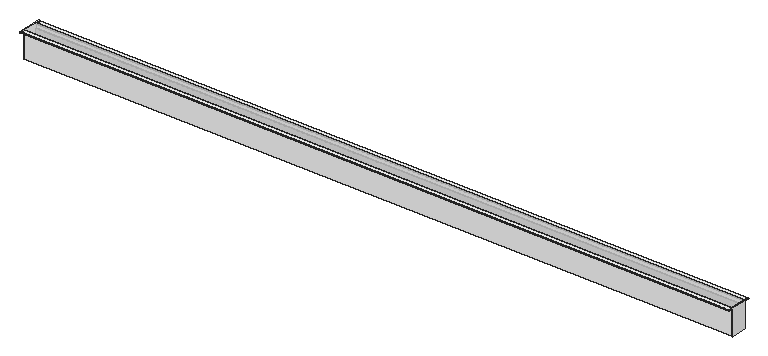
Revit family "2093135 Sylvania Lighting Fixture MC2 TRIM 2-4M 3K DALI WHT OPAL", category Lighting Fixtures, host Face, Revit 2016
Family settings
  Host = Face
  Part Type = Normal
  Round Connector Dimension = Use Diameter
  OmniClass Number = 23.80.70.11.17
  OmniClass Title = Specialized Lighting by Location or Use
  Cut with Voids When Loaded = No
  Light Source = Yes
  Shared = No
  Room Calculation Point = No
Parameters (values of type "2093135 MC2 TRIM 2.4M 3K DALI WHT OPAL")
  Width_SYL = 54.0 mm
  Weight = "5.6 kg"
  Wattage = 42 W
  WarrantyStartDate [instance] = "n/a"
  WarrantyGuarantorParts = "n/a"
  WarrantyDurationUnit = "n/a"
  WarrantyDurationParts = "n/a"
  WarrantyDescription = "n/a"
  built-in parameter 1150110 = 1 (stored number, unit not read)
  Voltage = 0 V
  URL = "http://www.sylvania-lighting.com"
  TypeName = "MC2 TRIM 2.4M 3K DALI WHT OPAL"
  built-in parameter 1114217 = 1 (stored number, unit not read)
  Tilt Angle = -90.00°
  built-in parameter 1150109 = 1 (stored number, unit not read)
  built-in parameter 1150134 = (empty or 0)
  built-in parameter 1150113 = 1 (stored number, unit not read)
  SerialNumber [instance] = "n/a"
  PowerFactor = 0.98
  PowerConsumption = "42 W"
  NominalWidth = 0.0 mm
  NominalLength = 2400.0 mm
  NominalHeight = 86.0 mm
  Name = "MC2 TRIM 2.4M 3K DALI WHT OPAL"
  ModelReference = "MC2 TRIM 2.4M 3K DALI WHT OPAL"
  ModelNumber = "2093135"
  Material_3_SYL = Metal_Sylvania_Mini Contiuum II_Silver
  Photometric Web File = "2093135.ies"
  Material = "aluminium housing, polycarbonate diffuser"
  ManufacturerName = "Feilo Sylvania"
  LuminousEfficacy = "105 lm/W"
  LuminaireType = ""
  LightOutputRatio = "100"
  Length_SYL = 2400.0 mm
  LampsType = Lamp  # "LED"
  LampNominalLuminous = "4414 lm"
  LampMacAdamStep = "3"
  LampColourTemperature = "3000 K"
  LampColourRenderingIndex = "80"
  Keynote = "16500"
  InstallationDate [instance] = "n/a"
  InputVoltage = "n/a"
  InputNominalFrequency = "n/a"
  IngressProtection = "IP20"
  ImpactProtectionIndex = "n/a"
  IfcExportType = "IfcLightFixtureType"
  IfcExportAs = "IfcLightFixtureType"
  Height_SYL = 86.0 mm
  ExpectedLife = 50000
  EndCapRight_SYL [instance] = yes
  EndCapLeft_SYL [instance] = yes
  Emit from Rectangle Width = Width_SYL - 2.0 mm  # 52.0 mm
  Emit from Rectangle Length = Length_SYL  # 2400.0 mm
  Emit Shape Visible in Rendering = no
  ElectricShockClassification = "Class I"
  DurationUnit = "hours"
  DocumentationLiterature = "http://www.sylvania-lighting.com/product/en-int/products/2093135"
  DimmingControlOptions = "n/a"
  CreatedOn = "10/15/2018"
  CreatedBy = "@sylvania-lighting.com"
  built-in parameter 1114216 [instance] = 1 (stored number, unit not read)
  Model = "MC2 TRIM 2.4M 3K DALI WHT OPAL"
  Manufacturer = "Feilo Sylvania"  # constant formula
  built-in parameter 1150105 = 350.94 (stored number, unit not read)
  Lumens = 4410 lm
  built-in parameter 1150115 = 1 (stored number, unit not read)
  built-in parameter 1150137 = (empty or 0)
  built-in parameter 1150139 = (empty or 0)
  built-in parameter 1150112 = 1 (stored number, unit not read)
  built-in parameter 1150114 = 1 (stored number, unit not read)
  Lamp = "LED"
  built-in parameter 1150132 = 2
  built-in parameter 1150102 = (empty or 0)
  built-in parameter 1150107 = 3000 (stored number, unit not read)
  built-in parameter 1150138 = (empty or 0)
  built-in parameter 1150106 = 3.5094 (stored number, unit not read)
  Material_1_SYL = Metal_Sylvania_Mini Continuum II_White
  built-in parameter 1150104 = 9.7548 (stored number, unit not read)
  Dimming Lamp Color Temperature Shift = <None>
  Material_2_SYL = Polycarbonate_Sylvania_Mini Continuum II_Opal_4000K
  Description = "Mini Continuum II introduces a uniquely clean, simple LED lighting system offering continuous, highly uniform lines of light across walls and ceilings. This highly versatile lighting tool can be recessed, semi-recessed, surface-mounted or suspended, either vertically or horizontally. Available as direct/indirect or direct only distribution - both of which can be interconnected. Every batten has a plug and socket arrangement for easy and rapid electrical installation. Mini Continuum II Direct is available in two versions: one with an outside trim detail for plasterboard ceilings; and a trimless version for when a seamless effect is required. Dimmable DALI versions and 3hr non-maintained integral emergency options are available as standard options"  # constant formula
  Default Elevation = 0.0 mm
  Color Filter = 16777215
  built-in parameter 1140040 [instance] = 1
  BarCode [instance] = "n/a"
  built-in parameter 1114218 = 1 (stored number, unit not read)
  built-in parameter 1150133 = 10 (stored number, unit not read)
  AssetType = "Fixed"
  AssetIdentifier [instance] = "n/a"
  Assembly Code = "D5020200"
  Apparent Load = 42 VA
Reference planes
  plane 1 "Center (Front/Back)": y = 0
  plane 2 "Bottom Fixtures": z = 0
  plane 3 "Center (Left/Right)": x = 0
  plane 4 "Fixture Left": x = -1200
  plane 5 "Fixture Right": x = 1200
  plane 6 "Fixture Bottom": z = 2
  plane 7: z = 0
  plane 8: z = -2
  plane 9: z = -11.049
  plane 10: z = -41.049
  plane 11 "Fixture Top": z = -84
  plane 12: y = 27
  plane 13: y = -27
  plane 14: y = -26
  plane 15: y = -25
  plane 16: y = 26
  plane 17: y = 25
  plane 18: y = 11
  plane 19: y = -11
  plane 20: y = 24
  plane 21: y = 22
  plane 22: y = -22
  plane 23: y = 15
  plane 24: y = -15
  plane 25: y = 40
  plane 26: y = -40
  plane 27: x = -1202
  plane 28: x = 1202
Forms (mm)
  Extrusion 1, solid, material "Metal_Sylvania_Mini Continuum II_White" <- "Material_1_SYL", detail levels fine
    sketch origin (0, 0, -84) x (0, 1, 0) y (0, 0, 1)
      loop
        line (27, 84) -> (40, 84) -> (40, 86) -> (26, 86) -> (26, 84) -> (25, 84) -> (25, 2) -> (13, 2) -> (13, 4) -> (-13, 4) -> (-13, 2) -> (-25, 2) -> (-25, 84) -> (-26, 84) -> (-26, 86) -> (-40, 86) -> (-40, 84) -> (-27, 84) -> (-27, 0) -> (-11, 0) -> (-11, 2) -> (11, 2) -> (11, 0) -> (27, 0) -> (27, 84)
    from -1200 to 1200
  Extrusion 2, solid, material "Polycarbonate_Sylvania_Mini Continuum II_Opal_4000K" <- "Material_2_SYL", detail levels fine
    sketch origin (0, 0, -84) x (0, 1, 0) y (0, 0, 1)
      loop
        line (-26, 86) -> (-26, 84) -> (26, 84) -> (26, 86) -> (-26, 86)
    from -1200 to 1200
  Extrusion 3, solid, material "Metal_Sylvania_Mini Contiuum II_Silver" <- "Material_3_SYL", detail levels fine
    sketch origin (0, 0, -84) x (0, 1, 0) y (0, 0, 1)
      loop
        line (22, 72.951) -> (20.973, 72.951) -> (14.206, 43.951) -> (-14.206, 43.951) -> (-20.973, 72.951) -> (-22, 72.951) -> (-15, 42.951) -> (15, 42.951) -> (22, 72.951)
    from -1200 to 1200
  Extrusion 4, solid, material "Metal_Sylvania_Mini Continuum II_White" <- "Material_1_SYL", detail levels coarse+medium
    sketch origin (0, 0, -84) x (0, 1, 0) y (0, 0, 1)
      loop
        line (-27, 86) -> (-27, 0) -> (27, 0) -> (27, 86) -> (-27, 86)
    from -1200 to 1200
  Extrusion 5, solid, material "Metal_Sylvania_Mini Continuum II_White" <- "Material_1_SYL", detail levels coarse+medium
    sketch origin (0, 0, -84) x (0, 1, 0) y (0, 0, 1)
      loop
        line (40, 86) -> (27, 86) -> (27, 84) -> (40, 84) -> (40, 86)
      loop
        line (-27, 86) -> (-40, 86) -> (-40, 84) -> (-27, 84) -> (-27, 86)
    from -1200 to 1200
  Extrusion 6, void
    sketch origin (0, 0, 0) x (0, 1, 0) y (0, 0, 1)
      loop
        line (27, 0) -> (-27, 0) -> (-27, -84) -> (27, -84) -> (27, 0)
    from -1200 to 1200
  Extrusion 7, solid, material "Metal_Sylvania_Mini Continuum II_White" <- "Material_1_SYL", visible <- "EndCapLeft_SYL"
    sketch origin (-1200, 171.684, 1219.2) x (0, 1, 0) y (0, 0, 1)
      loop
        line (-198.684, -1219.2) -> (-198.684, -1303.2) -> (-144.684, -1303.2) -> (-144.684, -1219.2) -> (-131.684, -1219.2) -> (-131.684, -1217.2) -> (-211.684, -1217.2) -> (-211.684, -1219.2) -> (-198.684, -1219.2)
    from 0 to -2
  Extrusion 8, solid, material "Metal_Sylvania_Mini Continuum II_White" <- "Material_1_SYL", visible <- "EndCapRight_SYL"
    sketch origin (1200, 171.684, 1219.2) x (0, 1, 0) y (0, 0, -1)
      loop
        line (-131.684, 1217.2) -> (-131.684, 1219.2) -> (-144.684, 1219.2) -> (-144.684, 1303.2) -> (-198.684, 1303.2) -> (-198.684, 1219.2) -> (-211.684, 1219.2) -> (-211.684, 1217.2) -> (-131.684, 1217.2)
    from 0 to -2
Lines and regions (mm)
  Masking region 1
    outline origin (0, 0, -86) x (-1, 0, 0) y (0, -1, 0)
      loop
        line (1200, -40) -> (1200, 40) -> (-1200, 40) -> (-1200, -40) -> (1200, -40)
  symbolic lines, detail levels fine
    curve 1: line (-1200, 27, -86) -> (1200, 27, -86)
    curve 2: line (-1200, -27, -86) -> (1200, -27, -86)
Dimensions and locks
  host sketch curve to plane 3 "Center (Left/Right)" to host sketch curve = 1260.0 mm, 1259.41 mm
  equal spacing: plane 4 "Fixture Left", plane 3 "Center (Left/Right)", plane 5 "Fixture Right"
  "Length_SYL": plane 4 "Fixture Left" to plane 5 "Fixture Right"
  plane 6 "Fixture Bottom" to plane 7 to plane 8 to plane 9 to plane 10 = 2.0 mm locked, 2.0 mm locked, 9.049 mm locked, 30.0 mm locked
  locked: Extrusion 1 sketch curve to Extrusion 1 sketch curve at 2
  "Height_SYL": plane 6 "Fixture Bottom" to plane 11 "Fixture Top"
  equal spacing: plane 12, plane 1 "Center (Front/Back)", plane 13
  plane 19 to plane 24 to plane 22 to plane 15 to plane 14 to plane 13 to plane 26 = 4.0 mm locked, 7.0 mm locked, 3.0 mm locked, 1.0 mm locked, 1.0 mm locked, 13.0 mm locked
  plane 25 to plane 12 to plane 16 to plane 17 to plane 20 to plane 21 to plane 23 to plane 18 = 13.0 mm locked, 1.0 mm locked, 1.0 mm locked, 1.0 mm locked, 2.0 mm locked, 7.0 mm locked, 4.0 mm locked
  "Width_SYL": plane 12 to plane 13
  equal spacing: plane 27, plane 3 "Center (Left/Right)", plane 28
  locked: plane 27 to plane 4 "Fixture Left" at 2
  aligned and locked: plane 2 "Bottom Fixtures" to host face
  aligned and locked: level to host face
  aligned and locked: Extrusion 1 sketch curve to plane 7  (x2)
  aligned and locked: plane 6 "Fixture Bottom" to Extrusion 1 sketch curve  (x2)
  aligned and locked: plane 7 to Extrusion 1 sketch curve
  aligned and locked: Extrusion 1 to Extrusion 2 sketch curve
  aligned and locked: Extrusion 2 sketch curve to Extrusion 1  (x3)
  aligned and locked: Extrusion 3 sketch curve to plane 10
  aligned and locked: plane 9 to Extrusion 3 sketch curve
  aligned and locked: Extrusion 3 sketch curve to plane 9
  aligned and locked: Extrusion 4 sketch curve to plane 6 "Fixture Bottom"
  aligned and locked: Extrusion 5 sketch curve to Extrusion 1  (x6)
  aligned and locked: Extrusion 4 to Extrusion 5 sketch curve
  aligned and locked: Extrusion 5 sketch curve to Extrusion 4
  aligned and locked: Extrusion 1 to Extrusion 6 sketch curve
  aligned and locked: Extrusion 6 sketch curve to Extrusion 1
  aligned and locked: Extrusion 6 sketch curve to plane 11 "Fixture Top"
  aligned and locked: Extrusion 6 sketch curve to plane 13
  aligned and locked: Extrusion 6 to plane 5 "Fixture Right"
  aligned and locked: plane 6 "Fixture Bottom" to imposter light
  aligned and locked: Masking region 1 sketch curve to Extrusion 1  (x4)
  aligned and locked: plane 5 "Fixture Right" to curve 1
  aligned and locked: plane 4 "Fixture Left" to curve 1
  aligned and locked: plane 12 to curve 1
  aligned and locked: plane 4 "Fixture Left" to curve 2
  aligned and locked: plane 5 "Fixture Right" to curve 2
  aligned and locked: curve 2 to plane 13
  aligned and locked: Extrusion 4 to plane 5 "Fixture Right"
  aligned and locked: Extrusion 1 to plane 5 "Fixture Right"
  aligned and locked: Extrusion 3 to plane 5 "Fixture Right"
  aligned and locked: Extrusion 4 to plane 4 "Fixture Left"
  aligned and locked: Extrusion 1 to plane 4 "Fixture Left"
  aligned and locked: Extrusion 3 to plane 4 "Fixture Left"
  aligned and locked: Extrusion 2 to plane 5 "Fixture Right"
  aligned and locked: Extrusion 5 to plane 5 "Fixture Right"
  aligned and locked: Extrusion 5 to plane 4 "Fixture Left"
  aligned and locked: Extrusion 2 to plane 4 "Fixture Left"
  aligned and locked: Extrusion 6 to plane 4 "Fixture Left"
  aligned and locked: Extrusion 4 to Extrusion 7 sketch curve
  aligned and locked: Extrusion 7 sketch curve to Extrusion 4  (x2)
  aligned and locked: Extrusion 7 sketch curve to Extrusion 5  (x4)
  aligned and locked: plane 6 "Fixture Bottom" to Extrusion 7 sketch curve
  aligned and locked: Extrusion 7 to plane 27
  aligned and locked: plane 4 "Fixture Left" to Extrusion 7
  aligned and locked: Extrusion 8 sketch curve to Extrusion 7  (x8)
  aligned and locked: plane 28 to Extrusion 8
  aligned and locked: plane 5 "Fixture Right" to Extrusion 8
Automatic sketch dimensions
  host sketch curve to host sketch curve = 1047.463 mm
  Extrusion 1 sketch curve to plane 26 = 0.0 mm
  Extrusion 1 sketch curve to plane 13 = 0.0 mm
  Extrusion 1 sketch curve to plane 14 = 0.0 mm
  Extrusion 1 sketch curve to plane 15 = 0.0 mm
  Extrusion 1 sketch curve to plane 19 = 0.0 mm
  Extrusion 1 sketch curve to plane 18 = 0.0 mm
  Extrusion 1 sketch curve to plane 17 = 0.0 mm
  Extrusion 1 sketch curve to plane 16 = 0.0 mm
  Extrusion 1 sketch curve to level = 0.0 mm
  Extrusion 1 sketch curve to plane 12 = 0.0 mm
  Extrusion 1 sketch curve to plane 25 = 0.0 mm
  Extrusion 1 sketch curve to plane 11 "Fixture Top" = 0.0 mm  (x2)
  Extrusion 1 sketch curve to plane 19 = 2.0 mm
  Extrusion 1 sketch curve to plane 18 = 2.0 mm
  plane 11 "Fixture Top" to Extrusion 1 sketch curve = 2.0 mm  (x3)
  Extrusion 3 sketch curve to plane 22 = 0.0 mm
  Extrusion 3 sketch curve to plane 24 = 0.0 mm
  Extrusion 3 sketch curve to plane 23 = 0.0 mm
  Extrusion 3 sketch curve to plane 21 = 0.0 mm
  plane 10 to Extrusion 3 sketch curve = 1.0 mm
  Extrusion 3 sketch curve to Extrusion 3 sketch curve = 1.027 mm  (x2)
  plane 24 to Extrusion 3 sketch curve = 0.794 mm
  plane 23 to Extrusion 3 sketch curve = 0.794 mm
  Extrusion 4 sketch curve to plane 11 "Fixture Top" = 0.0 mm
  Extrusion 4 sketch curve to plane 13 = 0.0 mm
  Extrusion 4 sketch curve to plane 12 = 0.0 mm
Connectors
  electrical at (-1200, 0, 0), driven by "Apparent Load"
    settings: index 1, voltage 230 V, apparent load 0 VA, apparent load phase1 42 VA, apparent load phase2 0 VA, apparent load phase3 0 VA, power factor 1, load classification "Lighting", number of poles 1, system type 31, power factor state 1, is connector primary yes, connector utility no, sub classification motor no, connector description ""
